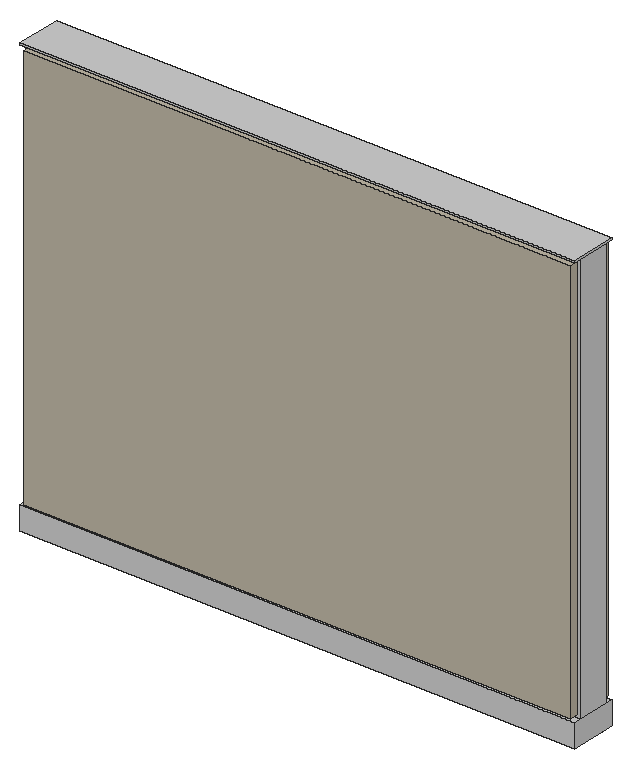
Revit family "Haworth_Compose_Panel_Benching", category Furniture Systems, Revit 2018
Family settings
  Round Connector Dimension = Use Diameter
  Part Type = Normal
  OmniClass Number = 23.40.70.14.64.21
  OmniClass Title = Systems Furniture
  Work Plane-Based = No
  Always vertical = Yes
  Cut with Voids When Loaded = No
  Shared = No
  Room Calculation Point = No
Parameters (values of type "29h 36w")
  Width = 36"
  Warranty = "http://www.haworth.com/resources/product-info/warranties"
  Vertical Trim Width = 1/4"  # constant formula
  URL - Product = "http://www.haworth.com/products/workspaces/panel-based/compose"
  URL = "http://www.haworth.com/"
  Trim Thin Profile = yes
  Trim Finish = Haworth _ Paint _ Putty
  Trim Depth = 3"  # constant formula
  Top Trim Width = if(Trim Thin Profile, 1/8", 1/4")  # 1/8"
  Top Trim Adjuster = if(Top Trim, Top Trim Width, 0")  # 1/8"
  Top Trim = yes
  Sustainability Info = "http://media.haworth.com/asset/2999/Compose%20PEDS.pdf"
  Size = "Verify Final Dim. w/ Haworth"  # constant formula
  Revision Number = "4"  # constant formula
  Raceway Panel Width = Actual Width  # 36"
  Raceway Panel Height Front [instance] = 8"  # constant formula
  Raceway Panel Height Back [instance] = 8"  # constant formula
  Raceway Panel Depth = 1/2"  # constant formula
  Raceway Front Panel = no
  Raceway Finish = Haworth _ Paint _ Putty
  Raceway Back Panel = no
  Panel Width = Actual Width  # 36"
  Panel Height Front [instance] = if(Raceway Front Panel, (Actual Height - Top Trim Adjuster - Bottom Trim Width - 1/4" - Raceway Panel Height Front - 1/2"), (Actual Height - Top Trim Adjuster - 1/4" - Bottom Trim Width - 1/2"))  # 26 1/2"
  Panel Height Back [instance] = if(Raceway Back Panel, (Actual Height - Top Trim Adjuster - 1/4" - Bottom Trim Width - Raceway Panel Height Back - 1/2"), (Actual Height - Top Trim Adjuster - 1/4" - Bottom Trim Width - 1/2"))  # 26 1/2"
  Panel Front Finish [instance] = Haworth _ Fabric _ Striae _ Moonlight C1-AC
  Panel Depth = 1/2"  # constant formula
  Panel Back Finish [instance] = Haworth _ Fabric _ Striae _ Moonlight C1-AC
  Offset Front [instance] = if(Raceway Front Panel, 9 1/2", 1 1/2")  # 1 1/2"
  Offset Back [instance] = if(Raceway Back Panel, 9 1/2", 1 1/2")  # 1 1/2"
  Model = "VZFF"  # constant formula
  Min/Max Width = "18, 24, 30, 36, 42, 48, 54, 60, 72"  # constant formula
  Min. Width = 18"  # constant formula
  Max. Width = 72"  # constant formula
  Min. Height = 22"  # constant formula
  Max. Height = 30"  # constant formula
  Manufacturer = "Haworth"  # constant formula
  End Trim Right [instance] = no
  End Trim Left [instance] = no
  Description = "Haworth_Compose-Panel-Benching"
  Custom Size = not(or(Width = 18", Width = 24", Width = 30", Width = 36", Width = 42", Width = 48", Width = 54", Width = 60", Width = 72"))  # no
  Bottom Trim Width = 1 1/2"  # constant formula
  Author = "SHAPE Environments, LLC"  # constant formula
  Assembly Code = "E2020500"
  Actual Width = if(Width < Min. Width, Min. Width, if(Width > Max. Width, Max. Width, Width))  # 36"
  Actual Height = if(not(Top Trim), 29" - 1/4", if(Trim Thin Profile, 29" - 1/8", 29"))  # 28 7/8"
  Actual End Trim Height [instance] = Actual Height - 1/2"  # 28 3/8"
Reference planes (in)
  plane 1 "Center F/B": y = 0
  plane 2: z = 0.5
  plane 3 "Center L/R": x = 0.09607
  plane 4 "Left": x = -17.90393
  plane 5 "Right": x = 18.09607
  plane 6 "Top Trim": z = 28.875
  plane 7 "Top Trim Inside": z = 28.75
  plane 8 "Front": y = -1.5
  plane 9 "Back": y = 1.5
  plane 10 "Raceway Top Front": z = 10
  plane 11 "Bottom Trim Inside": z = 2
  plane 12 "Raceway Top Back": z = 10
  plane 13 "Top": z = 28.875
  plane 14 "Top Panel": z = 28.5
Forms (in)
  Sweep 1, solid, material "Haworth _ Paint _ Putty" <- "Trim Finish", visible <- "Top Trim"
    path origin (0, 0, 0) x (1, 0, 0) y (0, 0, 1)
      loop
        line (-17.90393, 28.875) -> (18.09607, 28.875)
    profile "Haworth_Compose - Panel_Trim : Top" origin (0.09607, 0, 28.875) x (0, 0, 1) y (0, -1, 0)
      loop
        line (0, 1.5) -> (-0.125, 1.5) -> (-0.125, -1.5) -> (0, -1.5) -> (0, 1.5)
  Sweep 2, solid, material "Haworth _ Paint _ Putty" <- "Trim Finish"
    path origin (0, 0, -49.5) x (1, 0, 0) y (0, 0, 1)
      loop
        line (-17.90393, 50) -> (18.09607, 50)
    profile "Haworth_Compose - Panel_Trim : Bottom" origin (0.09607, 0, 0.5) x (0, 0, 1) y (0, -1, 0)
      loop
        line (0, 1.5) -> (0, -1.5) -> (1.5, -1.5) -> (1.5, 1.5) -> (0, 1.5)
  Extrusion 3, solid, material "Haworth _ Paint _ Putty" <- "Trim Finish"
    sketch origin (0, 0, 0) x (1, 0, 0) y (0, 1, 0)
      loop
        line (-17.90393, 1) -> (-17.90393, -1) -> (18.09607, -1) -> (18.09607, 1) -> (-17.90393, 1)
    from 0.5 to 28.75
Lines and regions (in)
  Masking region 1
    outline origin (0, 0, 0) x (1, 0, 0) y (0, 1, 0)
      loop
        line (-17.90393, 1.5) -> (-17.90393, -1.5) -> (18.09607, -1.5) -> (18.09607, 1.5) -> (-17.90393, 1.5)
  Masking region 2, visible <- "End Trim Right"
    outline origin (0, 0, 0) x (1, 0, 0) y (0, 1, 0)
      loop
        line (18.09607, 1.5) -> (18.09607, -1.5) -> (18.22107, -1.5) -> (18.22107, 1.5) -> (18.09607, 1.5)
  Masking region 3, visible <- "End Trim Left"
    outline origin (0, 0, 0) x (1, 0, 0) y (0, 1, 0)
      loop
        line (-18.02893, 1.5) -> (-18.02893, -1.5) -> (-17.90393, -1.5) -> (-17.90393, 1.5) -> (-18.02893, 1.5)
  symbolic lines, style "Haworth"
    curve 1: line (18.09607, 1.5, 0) -> (18.09607, -1.5, 0)
    curve 3: line (-17.90393, 1.5, 0) -> (-17.90393, -1.5, 0)
  symbolic lines, style "Haworth", detail levels medium+fine
    curve 2: line (18.09607, -1, 0) -> (-17.90393, -1, 0)
    curve 4: line (18.09607, 1, 0) -> (-17.90393, 1, 0)
Dimensions and locks (in)
  equal spacing: plane 4 "Left", plane 3 "Center L/R", plane 5 "Right"
  "Actual Width": plane 4 "Left" to plane 5 "Right"
  "Actual Height": plane 13 "Top" to level
  "Top Trim Width": plane 6 "Top Trim" to plane 7 "Top Trim Inside"
  equal spacing: plane 9 "Back", plane 1 "Center F/B", plane 8 "Front"
  "Trim Depth": plane 9 "Back" to plane 8 "Front"
  "Bottom Trim Width": plane 11 "Bottom Trim Inside" to plane 2
  "Raceway Panel Height Front": plane 10 "Raceway Top Front" to plane 11 "Bottom Trim Inside"
  "Raceway Panel Height Back": plane 11 "Bottom Trim Inside" to plane 12 "Raceway Top Back"
  "Top Trim Width": Masking region 3 sketch curve to plane 4 "Left"
  "Top Trim Width": plane 5 "Right" to Masking region 2 sketch curve
  locked: plane 2 to level at 0.5
  "Top Trim Adjuster": plane 13 "Top" to plane 7 "Top Trim Inside"
  locked: plane 7 "Top Trim Inside" to plane 14 "Top Panel" at 0.25
  locked: plane 4 "Left" to nested 7 at 3
  locked: nested 8 to plane 5 "Right" at 3
  aligned and locked: Sweep 1 sketch curve to plane 6 "Top Trim"
  aligned and locked: plane 5 "Right" to Sweep 1 sketch curve
  aligned and locked: plane 4 "Left" to Sweep 1 sketch curve
  aligned: plane 3 "Center L/R" to nested 1
  aligned: plane 8 "Front" to nested 1
  aligned: plane 10 "Raceway Top Front" to nested 1  (x3)
  aligned and locked: plane 3 "Center L/R" to nested 2
  aligned and locked: nested 3 to plane 3 "Center L/R"
  aligned: nested 1 to plane 2
  aligned: plane 7 "Top Trim Inside" to nested 1
  aligned and locked: curve 2 to nested 2
  aligned and locked: plane 3 "Center L/R" to nested 1
  aligned and locked: plane 8 "Front" to nested 1
  aligned and locked: nested 4 to plane 3 "Center L/R"
  aligned and locked: plane 9 "Back" to nested 4
  aligned and locked: nested 2 to plane 11 "Bottom Trim Inside"
  aligned and locked: plane 11 "Bottom Trim Inside" to nested 3
  aligned and locked: Sweep 2 sketch curve to plane 2
  aligned and locked: plane 4 "Left" to Sweep 2 sketch curve
  aligned and locked: plane 5 "Right" to Sweep 2 sketch curve
  aligned and locked: curve 4 to nested 4
  aligned and locked: plane 4 "Left" to curve 4
  aligned and locked: plane 5 "Right" to curve 4
  aligned and locked: nested 3 to Extrusion 3 sketch curve
  aligned and locked: Extrusion 3 sketch curve to nested 1
  aligned and locked: plane 7 "Top Trim Inside" to Extrusion 3
  aligned and locked: Extrusion 3 to plane 2
  aligned and locked: plane 14 "Top Panel" to nested 1
  aligned and locked: nested 4 to plane 14 "Top Panel"
  aligned and locked: nested 6 to plane 1 "Center F/B"
  aligned and locked: plane 1 "Center F/B" to nested 5
  aligned and locked: plane 4 "Left" to nested 6
  aligned and locked: nested 5 to plane 5 "Right"
  aligned and locked: plane 13 "Top" to nested 6
  aligned and locked: plane 13 "Top" to nested 5
Automatic sketch dimensions
  Masking region 1 sketch curve to plane 4 "Left" = 0"
  Masking region 1 sketch curve to plane 5 "Right" = 0"
  Masking region 1 sketch curve to plane 8 "Front" = 0"
  Masking region 1 sketch curve to plane 9 "Back" = 0"
  Masking region 2 sketch curve to plane 5 "Right" = 0"
  Masking region 2 sketch curve to plane 9 "Back" = 0"
  Masking region 3 sketch curve to plane 4 "Left" = 0"
  Masking region 3 sketch curve to plane 8 "Front" = 0"
  curve 1 to plane 8 "Front" = 0"
  curve 3 to plane 8 "Front" = 0"
  curve 3 to plane 9 "Back" = 0"
  curve 1 to plane 9 "Back" = 0"
  Masking region 3 sketch curve to plane 9 "Back" = 0"
  Masking region 2 sketch curve to plane 8 "Front" = 0"
  plane 8 "Front" to Extrusion 3 sketch curve = 1/2"
  Extrusion 3 sketch curve to plane 9 "Back" = 1/2"
Nested families (in)
  nested 1: "Haworth_Parts_Compose-Panel_Single" at (-1.08413, -1.21976, 2), built-in parameter 1001364 <- "Offset Front", Panel Finish <- "Panel Front Finish", type "Front"
    with Panel Finish Haworth _ Fabric _ Striae _ Moonlight C1-AC, Panel Height 26 1/2"
  nested 2: "Haworth_Parts_Compose-Panel" at (-1.08413, -1.21976, 2), Panel Height <- "Raceway Panel Height Front", visible <- "Raceway Front Panel", type "Raceway Panel"
    with Panel Height 8"
  nested 3: "Haworth_Parts_Compose-Panel" at (-1.08413, 1.21976, 2), Panel Height <- "Raceway Panel Height Back", visible <- "Raceway Back Panel", type "Raceway Panel"
    with Panel Height 8"
  nested 4: "Haworth_Parts_Compose-Panel_Single" at (-1.08413, 1.21976, 2), built-in parameter 1001364 <- "Offset Back", Panel Finish <- "Panel Back Finish", type "Back"
    with Panel Finish Haworth _ Fabric _ Striae _ Moonlight C1-AC, Panel Height 26 1/2"
  nested 5: "Haworth_Parts_Compose-End_Trim" at (15.22107, 0, 0.5), visible <- "End Trim Right", Actual Height <- "Actual End Trim Height", type "Trim"
    with Actual Height 28 3/8", Trim Width 1/8", Thin Profile yes
  nested 6: "Haworth_Parts_Compose-End_Trim" at (-15.02893, 0, 0.5) x (-1, 0, 0) z (0, 0, 1), visible <- "End Trim Left", Actual Height <- "Actual End Trim Height", type "Trim"
    with Actual Height 28 3/8", Trim Width 1/8", Thin Profile yes
  nested 7: "Haworth_Parts_Compose-Feet" at (-17.77893, 0, 0), type "Trim"
  nested 8: "Haworth_Parts_Compose-Feet" at (12.22107, 0, 0), type "Trim"
Definition of nested family "Haworth_Parts_Compose-Panel_Single"
  Parameters
    URL = "www.haworth.com"
    Revision Number = "1"  # constant formula
    Revision Date = ""
    Panel Width = 36"
    Panel Height = 15 1/2"
    Panel Finish [instance] = none
    Panel Depth = 1/2"
    Manufacturer = "Haworth"  # constant formula
    Author = "SHAPE Environments, LLC"  # constant formula
    Assembly Code = ""
  Reference planes (in)
    plane 1 "Center F/B": y = -0.03024
    plane 2: z = 0
    plane 3 "Center L/R": x = 1.1802
    plane 4 "Left": x = -16.8198
    plane 5 "Right": x = 19.1802
    plane 6 "Back": y = 0.21976
    plane 7 "Front": y = -0.28024
    plane 8 "Top": z = 15.5
    plane 9 "Panel Left": x = -16.5698
    plane 10 "Panel Right": x = 18.9302
    plane 11: z = 0.125
  Forms (in)
    Extrusion 1, solid, material <- "Panel Finish"
      sketch origin (0, -0.03024, 0) x (1, 0, 0) y (0, 0, 1)
        loop
          line (-16.5698, 15.5) -> (-16.5698, 0.125) -> (18.9302, 0.125) -> (18.9302, 15.5) -> (-16.5698, 15.5)
      from -0.25 to 0.25
  Dimensions and locks (in)
    "Panel Height": plane 8 "Top" to level
    equal spacing: plane 6 "Back", plane 1 "Center F/B", plane 7 "Front"
    "Panel Depth": plane 6 "Back" to plane 7 "Front"
    equal spacing: plane 4 "Left", plane 3 "Center L/R", plane 5 "Right"
    "Panel Width": plane 4 "Left" to plane 5 "Right"
    locked: plane 4 "Left" to plane 9 "Panel Left" at 0.25
    locked: plane 10 "Panel Right" to plane 5 "Right" at 0.25
    locked: plane 11 to level at 0.125
    aligned and locked: Extrusion 1 sketch curve to plane 8 "Top"
    aligned and locked: plane 6 "Back" to Extrusion 1
    aligned and locked: Extrusion 1 to plane 7 "Front"
    aligned and locked: plane 9 "Panel Left" to Extrusion 1 sketch curve
    aligned and locked: Extrusion 1 sketch curve to plane 10 "Panel Right"
    aligned and locked: plane 11 to Extrusion 1 sketch curve
Definition of nested family "Haworth_Parts_Compose-Panel"
  Parameters
    URL = "www.haworth.com"
    Revision Number = "1"  # constant formula
    Revision Date = ""
    Panel Width = 36"
    Panel Height [instance] = 48"
    Panel Finish = none
    Panel Depth = 1/2"
    Manufacturer = "Haworth"  # constant formula
    Author = "SHAPE Environments, LLC"  # constant formula
    Assembly Code = ""
  Reference planes (in)
    plane 1 "Center F/B": y = -0.03024
    plane 2: z = 0
    plane 3 "Center L/R": x = 1.1802
    plane 4 "Left": x = -16.8198
    plane 5 "Right": x = 19.1802
    plane 6 "Back": y = 0.21976
    plane 7 "Front": y = -0.28024
    plane 8 "Top": z = 48
  Forms (in)
    Extrusion 1, solid, material <- "Panel Finish"
      sketch origin (0, -0.03024, 0) x (1, 0, 0) y (0, 0, 1)
        loop
          line (-16.8198, 48) -> (-16.8198, 0) -> (19.1802, 0) -> (19.1802, 48) -> (-16.8198, 48)
      from -0.25 to 0.25
  Dimensions and locks (in)
    "Panel Height": plane 8 "Top" to level
    equal spacing: plane 6 "Back", plane 1 "Center F/B", plane 7 "Front"
    "Panel Depth": plane 6 "Back" to plane 7 "Front"
    equal spacing: plane 4 "Left", plane 3 "Center L/R", plane 5 "Right"
    "Panel Width": plane 4 "Left" to plane 5 "Right"
    aligned and locked: plane 4 "Left" to Extrusion 1 sketch curve
    aligned and locked: Extrusion 1 sketch curve to plane 8 "Top"
    aligned and locked: level to Extrusion 1 sketch curve
    aligned and locked: Extrusion 1 sketch curve to plane 5 "Right"
    aligned and locked: plane 6 "Back" to Extrusion 1
    aligned and locked: Extrusion 1 to plane 7 "Front"
Definition of nested family "Haworth_Parts_Compose-End_Trim"
  Parameters
    Warranty = ""
    URL - Product = ""
    URL = "www.haworth.com"
    Trim Width = if(Thin Profile, 1/8", 1/4")  # 1/4"
    Thin Profile = no
    Sustainability Info = ""
    Description = ""
    Size = "Verify Final Dim. w/ Haworth"  # constant formula
    Revision Number = "1"  # constant formula
    Material Options = ""
    Manufacturer = "Haworth"  # constant formula
    LEED Data = ""
    Trim Finish = none
    Author = "SHAPE Environments, LLC"  # constant formula
    Assembly Code = ""
    Actual Height [instance] = 42"
    Actual Depth = 3"  # constant formula
  Reference planes (in)
    plane 1 "Center F/B": y = 0
    plane 2: z = 0
    plane 3 "Back": y = 1.5
    plane 4 "Front": y = -1.5
    plane 5 "Right": x = 3
    plane 6 "Top": z = 42
    plane 7 "Left": x = 2.75
  Forms (in)
    Extrusion 1, solid, material <- "Trim Finish"
      sketch origin (-1.5, 0, 0) x (1, 0, 0) y (0, 1, 0)
        loop
          line (4.25, 1.5) -> (4.25, -1.5) -> (4.5, -1.5) -> (4.5, 1.5) -> (4.25, 1.5)
      from 0 to 42
  Dimensions and locks (in)
    equal spacing: plane 3 "Back", plane 1 "Center F/B", plane 4 "Front"
    "Actual Depth": plane 3 "Back" to plane 4 "Front"
    "Actual Height": plane 6 "Top" to level
    "Trim Width": plane 7 "Left" to plane 5 "Right"
    aligned and locked: Extrusion 1 sketch curve to plane 3 "Back"
    aligned and locked: plane 4 "Front" to Extrusion 1 sketch curve
    aligned: Extrusion 1 sketch curve to plane 5 "Right"
    aligned: plane 6 "Top" to Extrusion 1  (x4)
    aligned and locked: plane 5 "Right" to Extrusion 1
    aligned and locked: Extrusion 1 sketch curve to plane 7 "Left"
    aligned and locked: Extrusion 1 to plane 2
    aligned and locked: plane 6 "Top" to Extrusion 1
    aligned and locked: level to plane 2
Definition of nested family "Haworth_Parts_Compose-Feet"
  Parameters
    Warranty = ""
    URL - Product = ""
    URL = "www.haworth.com"
    Sustainability Info = ""
    Description = "Compose Post"
    Size = "Verify Final Dim. w/ Haworth"  # constant formula
    Revision Number = "1"  # constant formula
    Material Options = ""
    Manufacturer = "Haworth"  # constant formula
    LEED Data = ""
    Trim Finish = none
    Author = "SHAPE Environments, LLC"  # constant formula
    Assembly Code = ""
  Reference planes (in)
    plane 1 "Center F/B": y = 0
    plane 2: z = 0.5
    plane 3 "Center": x = 2.875
  Forms (in)
    Extrusion 1, solid, material <- "Trim Finish"
      sketch origin (0, 0, 0) x (1, 0, 0) y (0, 1, 0)
        loop
          circle (2.875, 0) r 0.5
      from 0 to 0.5
  Dimensions and locks (in)
    aligned and locked: plane 2 to Extrusion 1
Types in the file's own list only (18): name | Width | Raceway Panel Width | Raceway Front Panel | Raceway Back Panel | Panel Width | Actual Width
  29h 18w - Tile to the Floor | 18" | 18" | No | No | 18" | 18"
  29h 24w - Tile to the Floor | 24" | 24" | No | No | 24" | 24"
  29h 30w - Tile to the Floor | 30" | 30" | No | No | 30" | 30"
  29h 36w - Tile to the Floor | 36" | 36" | No | No | 36" | 36"
  29h 42w - Tile to the Floor | 42" | 42" | No | No | 42" | 42"
  29h 48w - Tile to the Floor | 48" | 48" | No | No | 48" | 48"
  29h 54w - Tile to the Floor | 54" | 54" | No | No | 54" | 54"
  29h 60w - Tile to the Floor | 60" | 60" | No | No | 60" | 60"
  29h 72w - Tile to the Floor | 72" | 72" | No | No | 72" | 72"
  29h 18w - Base Raceway | 18" | 18" | Yes | Yes | 18" | 18"
  29h 24w - Base Raceway | 24" | 24" | Yes | Yes | 24" | 24"
  29h 30w - Base Raceway | 30" | 30" | Yes | Yes | 30" | 30"
  29h 36w - Base Raceway | 36" | 36" | Yes | Yes | 36" | 36"
  29h 42w - Base Raceway | 42" | 42" | Yes | Yes | 42" | 42"
  29h 48w - Base Raceway | 48" | 48" | Yes | Yes | 48" | 48"
  29h 54w - Base Raceway | 54" | 54" | Yes | Yes | 54" | 54"
  29h 60w - Base Raceway | 60" | 60" | Yes | Yes | 60" | 60"
  29h 72w - Base Raceway | 72" | 72" | Yes | Yes | 72" | 72"
